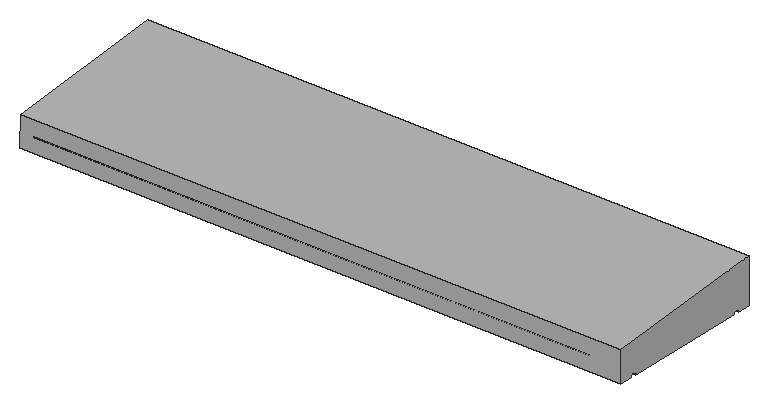
Revit family "WC346 Feather Edge", category Generic Models, Revit 2020
Family settings
  Can host rebar = No
  Round Connector Dimension = Use Diameter
  Part Type = Normal
  Work Plane-Based = No
  Always vertical = Yes
  Cut with Voids When Loaded = No
  Shared = No
  Room Calculation Point = No
Parameters
  Weight = "40Kg"
  Warranty Guarantor Parts = "n/a"
  Warranty Guarantor Labour = "n/a"
  Warranty Duration Unit = "n/a"
  Warranty Duration Parts = "n/a"
  Warranty Duration Labour = "n/a"
  Warranty Description = "n/a"
  Unit Width [instance] = 265 mm
  Unit Length [instance] = 1000 mm
  Unit Height [instance] = 75 mm
  URL = "www.killeshal.com"
  Types = "Single"
  Type Comments = "Visit our website for a full list of available products."
  Sustainability Performance = "n/a"
  Structural Class = "n/a"
  Span = "Unit Length"
  Slope = "0.00°"
  Size = "265mm x 75 to 50mm"
  Shape = "As per drawing"
  Service Life = "0.000000"
  Serial Number = "n/a"
  Resistance to Fire = "n/a"
  Replacement Cost = "n/a"
  Reference = "n/a"
  Notified Body = "n/a"
  Nominal Cover to Main Bar = "n/a"
  Model = "W/C 346 Wall Cap."
  Mechanical Resistance = "n/a"
  Manufacturer = "Killeshal Precast Concrete Ltd."
  Load Bearing = no
  Life Cycle Environmental Load = "n/a"
  Length Options = "Stock size 1000mm."
  Keynote = "The information contained is the sole property of KPC Ltd., any reproduction in part or whole without permission of KPC Ltd. is prohibited."
  Environmental Product Declaration = "n/a"
  Environmental Class = "n/a"
  Durability against Corrosion = "n/a"
  Dimension Accuracy Class = "n/a"
  Detailing = "As per design specification and product drawings."
  Description = "Feather Edge Wall Cap"
  Default Elevation = 0 mm
  Dangerous Substances = "n/a"
  Contact Tel = "0035357 9353018"
  Contact Email = "sales@killeshal.com"
  Construction Type = "Precast"
  Construction Tolerance Class = "n/a"
  Compressive Strength of Concrete = "n/a"
  Characteristics of Reinforcing Steel = "n/a"
  Characteristics Deflection Under Load = "n/a"
Reference planes
  plane 1 "Center (Front/Back)": y = 0
  plane 2: z = 0
  plane 3 "Center (Left/Right)": x = 0
  plane 4 "Rear": y = 132.5
  plane 5 "Front": y = -132.5
  plane 6 "Top": z = 75
  plane 7 "Center L/T": z = 50
Forms (mm)
  Extrusion 1, solid, material "Precast Concrete (KPC)"
    sketch origin (0, 0, 0) x (0, 1, 0) y (0, 0, 1)
      loop
        line (-132.5, 50) -> (-132.5, 0) -> (-112.5, 0)
        arc (-112.5, 0) -> (-107.5, 5) -> (-102.5, 0) r 5
        line (-102.5, 0) -> (102.5, 0)
        arc (102.5, 0) -> (107.5, 5) -> (112.5, 0) r 5
        line (112.5, 0) -> (132.5, 0) -> (132.5, 75) -> (-132.5, 50)
    from 0 to 1000
Dimensions and locks
  "Unit Length": Extrusion 1 to Extrusion 1
  "Unit Width": Extrusion 1 to Extrusion 1
  Extrusion 1 to plane 7 "Center L/T" = 50 mm
  "Unit Height": Extrusion 1 to plane 6 "Top"
  aligned and locked: level to plane 2
Automatic sketch dimensions
  Extrusion 1 sketch curve to plane 5 "Front" = 0 mm
  Extrusion 1 sketch curve to level = 0 mm
  Extrusion 1 sketch curve to plane 4 "Rear" = 0 mm
  Extrusion 1 sketch curve to plane 7 "Center L/T" = 0 mm
  Extrusion 1 sketch curve to plane 6 "Top" = 0 mm
  plane 5 "Front" to Extrusion 1 sketch curve = 20 mm
  Extrusion 1 sketch curve to Extrusion 1 sketch curve = 5 mm  (x2)
  Extrusion 1 sketch curve to Extrusion 1 sketch curve = 30 mm
